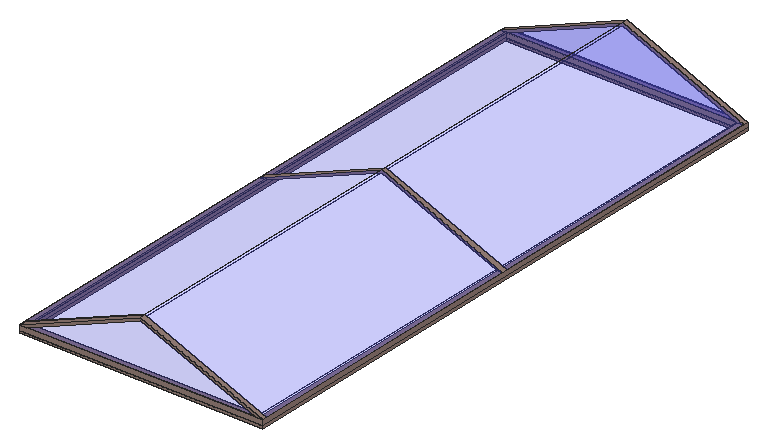
Revit family "a22603e0ed5f48fb94bfb095187d03b2", category Windows, host Roof, Revit 2019
Family settings
  Host = Roof
  OmniClass Number = 23.30.30.00
  OmniClass Title = Skylights
  Always vertical = No
  Cut with Voids When Loaded = No
  Shared = No
  Room Calculation Point = No
Parameters (values of type "24" x 60"")
  Width = 2' - 0"
  Visual Light Transmittance = 0.9
  Thermal Resistance (R) = 0.9899 (h·ft²·°F)/BTU
  Solar Heat Gain Coefficient = 0.86
  Rough Width = Width + 0' 0 1/2"  # 2' - 0 1/2"
  Rough Height = Height + 0' 0 1/2"  # 5' - 0 1/2"
  Ridge Angle = 22.00°
  Frame Number = 3
  Height = 5' - 0"
  Heat Transfer Coefficient (U) = 1.0102 BTU/(h·ft²·°F)
  Ridge Height = tan(Ridge Angle) * Width / 2  # 0' - 4.84831"
  Glass Panel Material = Glass
  Frame Material = Metal - Bronze, Light Brush
  Fire Rating = "0.5h"
  Base Height = 0' - 0 1/4"
  Assembly Code = "B2020100"
  Analytic Construction = "Single-glazed windows - domestic"
Types (4): name | Width | Rough Width | Rough Height | Frame Number | Height | Ridge Height
  (no name) | 2' - 0" | 2' - 0 1/2" | 5' - 0 1/2" | 3 | 5' - 0" | 0' - 4.84831"
  17'' x 36'' | 1' - 5" | 1' - 5 1/2" | 3' - 0 1/2" | 2 | 3' - 0" | 0' - 3.43422"
  24" x 60" | 2' - 0" | 2' - 0 1/2" | 5' - 0 1/2" | 3 | 5' - 0" | 0' - 4.84831"
  36" x 72" | 3' - 0" | 3' - 0 1/2" | 6' - 0 1/2" | 5 | 6' - 0" | 0' - 7.27247"
Values of the unnamed type that differ from the named types
  Thermal Resistance (R) = 0.17433 m²·K/W
  Heat Transfer Coefficient (U) = 5.7362 W/(m²·K)
Reference planes (in)
  plane 1 "Center (Front/Back)": y = 0
  plane 2 "Roof": z = 144
  plane 3 "Center (Left/Right)": x = 0
  plane 4: x = -12
  plane 5: x = 12
  plane 6: y = 30
  plane 7: y = -30
  plane 8 "1": y = 27.5
  plane 9 "2": y = -27.5
  plane 10: x = -9.5
  plane 11: x = 9.5
  plane 12: x = -12.5
  plane 13: x = 12.5
  plane 14: y = 30.5
  plane 15: y = -30.5
  plane 16: z = 150.25
  plane 17: z = 150.75
  plane 18: y = 29.5
  plane 19: y = -29
  plane 20: x = -11
  plane 21: x = 11
  plane 22: z = 149.25
  plane 23: z = 155.59831
  plane 24: y = 10
  plane 25: y = -10
  plane 26: y = 9.5
  plane 27: y = -9.5
  plane 28: y = -35.125
Forms (in)
  Sweep 1, solid, material "Metal - Bronze, Light Brush" <- "Frame Material"
    path origin (0, 0, 144) x (1, 0, 0) y (0, 1, 0)
      loop
        line (-12, 30) -> (-12, -30) -> (12, -30) -> (12, 30) -> (-12, 30)
    profile origin (0, 30, 144) x (0, 1, 0) y (0, 0, 1)
      loop
        line (0, 6) -> (0, 6.25) -> (-0.5, 6.25) -> (-0.5, 6) -> (0, 6)
  Sweep 2, solid, material "Metal - Bronze, Light Brush" <- "Frame Material"
    path origin (0, 0, 144) x (1, 0, 0) y (0, 1, 0)
      loop
        line (-12, 30) -> (-12, -30) -> (12, -30) -> (12, 30) -> (-12, 30)
    profile origin (0, 30, 144) x (0, 1, 0) y (0, 0, 1)
      loop
        line (-0.5, 6.25) -> (0, 6.25) -> (0, 6.75) -> (-0.5, 6.75) -> (-0.5, 6.25)
  Extrusion 3, solid, material "Glass" <- "Glass Panel Material"
    sketch origin (0, 0, 0) x (1, 0, 0) y (0, 0, 1)
      loop
        line (-11.33263, 150.75) -> (11.33263, 150.75) -> (0, 155.32868) -> (-11.33263, 150.75)
    from -30 to -29.5
  Extrusion 4, solid, material "Glass" <- "Glass Panel Material"
    sketch origin (0, 0, 0) x (1, 0, 0) y (0, 0, 1)
      loop
        line (0, 155.32868) -> (-11.33263, 150.75) -> (11.33263, 150.75) -> (0, 155.32868)
    from 29.5 to 30
  Extrusion 5, solid, material "Glass" <- "Glass Panel Material"
    sketch origin (0, 0, 0) x (1, 0, 0) y (0, 0, 1)
      loop
        line (0, 155.59831) -> (-12, 150.75) -> (-11.33263, 150.75) -> (0, 155.32868) -> (11.33263, 150.75) -> (12, 150.75) -> (0, 155.59831)
    from -29.5 to 29.5
Lines and regions (in)
  Opening 1
    outline origin (0, 0, 150) x (0, 1, 0) y (-1, 0, 0)
      loop
        line (27.5, 9.5) -> (-27.5, 9.5) -> (-27.5, -9.5) -> (27.5, -9.5) -> (27.5, 9.5)
Dimensions and locks (in)
  equal spacing: host sketch curve, plane 3 "Center (Left/Right)", host sketch curve
  equal spacing: host sketch curve, plane 1 "Center (Front/Back)", host sketch curve
  equal spacing: plane 6, plane 1 "Center (Front/Back)", plane 7
  equal spacing: plane 4, plane 3 "Center (Left/Right)", plane 5
  "Width": plane 4 to plane 5
  "Height": plane 6 to plane 7
  locked: plane 6 to plane 8 "1" at 2.5
  locked: plane 9 "2" to plane 7 at 2.5
  locked: plane 4 to plane 10 at 2.5
  locked: plane 11 to plane 5 at 2.5
  locked: plane 12 to plane 4 at 0.5
  locked: plane 5 to plane 13 at 0.5
  locked: plane 7 to plane 15 at 0.5
  "Base Height": host roof to plane 16
  locked: plane 19 to plane 7 at 1
  locked: plane 4 to plane 20 at 1
  locked: plane 21 to plane 5 at 1
  locked: plane 22 to plane 16 at 1
  locked: plane 14 to plane 6 at 0.5
  locked: plane 6 to plane 18 at 0.5
  locked: plane 17 to plane 16 at 0.5
  "Ridge Height": plane 23 to plane 17
  equal spacing: plane 6, plane 24, plane 25, plane 7
  locked: plane 24 to plane 26 at 0.5
  locked: plane 27 to plane 25 at 0.5
  equal spacing: group 1, group 3, group 2  (x3)
  angle Extrusion 4 to Extrusion 4 = 22.00°
  aligned and locked: plane 2 "Roof" to level
  aligned and locked: Opening 1 sketch curve to plane 8 "1"
  aligned and locked: plane 10 to Opening 1 sketch curve
  aligned and locked: plane 9 "2" to Opening 1 sketch curve
  aligned and locked: Opening 1 sketch curve to plane 11
  aligned and locked: Sweep 1 sketch curve to plane 6  (x2)
  aligned and locked: plane 4 to Sweep 1 sketch curve
  aligned and locked: plane 7 to Sweep 1 sketch curve
  aligned and locked: Sweep 1 sketch curve to plane 5
  aligned and locked: host roof to Sweep 1 sketch curve
  aligned and locked: plane 16 to Sweep 1 sketch curve
  aligned and locked: Sweep 2 sketch curve to Sweep 1  (x4)
  aligned and locked: plane 17 to Sweep 2 sketch curve
  aligned and locked: plane 16 to Sweep 2 sketch curve
  aligned and locked: plane 18 to Sweep 2 sketch curve
  aligned and locked: Sweep 1 sketch curve to plane 18
  aligned and locked: plane 6 to Sweep 2 sketch curve
  aligned and locked: nested 1 to plane 7  (x2)
  aligned and locked: plane 3 "Center (Left/Right)" to nested 1
  aligned and locked: plane 17 to nested 1
  aligned and locked: Extrusion 3 sketch curve to nested 1  (x2)
  aligned and locked: Sweep 2 to Extrusion 3 sketch curve
  aligned and locked: plane 6 to Extrusion 3
  aligned and locked: plane 18 to Extrusion 3
  aligned and locked: Extrusion 4 sketch curve to Extrusion 3  (x2)
  aligned and locked: Sweep 2 to Extrusion 4 sketch curve
  aligned and locked: Extrusion 4 to plane 7
  aligned and locked: Sweep 2 to Extrusion 4
  aligned and locked: plane 23 to nested 1
  aligned and locked: plane 23 to nested 2
  aligned and locked: plane 6 to nested 2
  aligned and locked: Extrusion 5 sketch curve to nested 1  (x3)
  aligned and locked: Extrusion 5 sketch curve to Extrusion 4  (x2)
  aligned and locked: Extrusion 5 to plane 18
  aligned and locked: Extrusion 5 to Extrusion 4
Automatic sketch dimensions
  Extrusion 5 sketch curve to plane 4 = 0' - 0"
Nested families (in)
  nested 1: "Frame" at (0, -30, 150.75), Material <- "Frame Material", type "Frame"
    with Material Metal - Bronze, Light Brush, Width 2' - 0", Height 0' - 4.84831"
  nested 2: "Frame" at (0, 29.5, 150.75), Material <- "Frame Material", type "Frame"
    with Material Metal - Bronze, Light Brush, Width 2' - 0", Height 0' - 4.84831"
  nested 3: "Frame" at (0, -0.25, 150.75), Material <- "Frame Material", type "Frame"
    with Material Metal - Bronze, Light Brush, Width 2' - 0", Height 0' - 4.84831"
Definition of nested family "Frame"
  Parameters (values of type "Frame")
    Width = 1' - 5"
    Material [instance] = none
    Height = 0' - 3.43422"
  Reference planes (in)
    plane 1 "Center (Front/Back)": y = 0
    plane 2: z = 0
    plane 3 "Center (Left/Right)": x = 0
    plane 4: z = 3.43422
    plane 5: x = -8.5
    plane 6: x = 8.5
    plane 7: y = 0.5
  Forms (in)
    Extrusion 1, solid, material <- "Material"
      sketch origin (0, 0, 0) x (1, 0, 0) y (0, 0, 1)
        loop
          line (-8.5, 0) -> (-7.83263, 0) -> (0, 3.16459) -> (7.83263, 0) -> (8.5, 0) -> (0, 3.43422) -> (-8.5, 0)
      from -0.5 to 0
  Dimensions and locks (in)
    equal spacing: plane 6, plane 3 "Center (Left/Right)", plane 5
    "Width": plane 6 to plane 5
    "Height": plane 4 to plane 2
    locked: plane 7 to plane 1 "Center (Front/Back)" at 0.5
    locked: Extrusion 1 sketch curve to Extrusion 1 sketch curve at 0.25  (x2)
    aligned and locked: plane 2 to level
    aligned and locked: Extrusion 1 sketch curve to plane 2  (x2)
    aligned and locked: plane 3 "Center (Left/Right)" to Extrusion 1 sketch curve
    aligned and locked: plane 4 to Extrusion 1 sketch curve
    aligned and locked: plane 5 to Extrusion 1 sketch curve
    aligned and locked: plane 2 to Extrusion 1 sketch curve
    aligned and locked: plane 6 to Extrusion 1 sketch curve
    aligned and locked: plane 7 to Extrusion 1
    aligned and locked: plane 1 "Center (Front/Back)" to Extrusion 1
